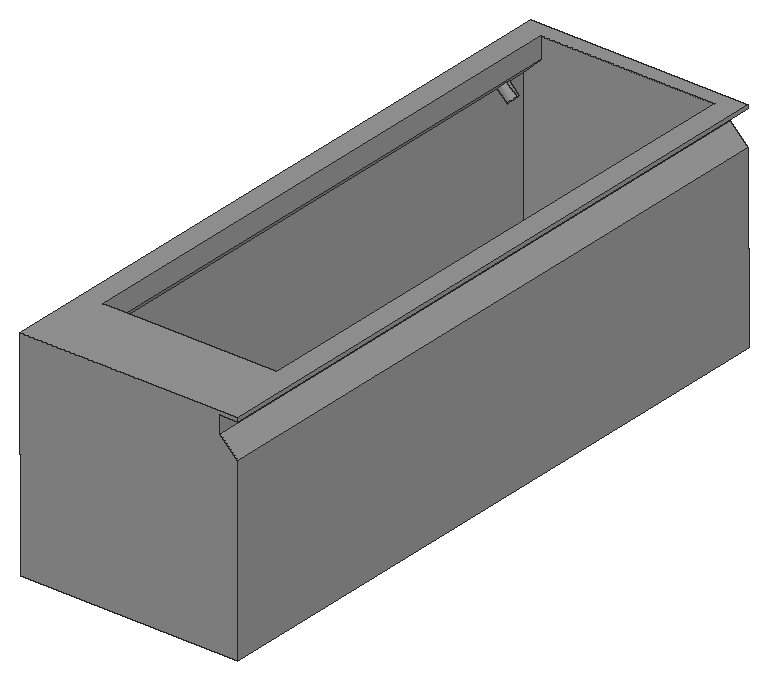
Revit family "Shower_Cabinet-Willoughby-US-3030-L", category Plumbing Fixtures, Revit 2015
Parameters (values of type "Standard")
  Waste Radius = Waste DIA / 2  # 1"
  Waste DIA = 2"
  Waste Connection = yes
  Vent Connection = no
  URL = "https://www.willoughby-ind.com/wp-content/uploads/2018/01/US-3636.pdf"
  Revision = "A"
  Model = "US-3030-L"
  Manufacturer = "Willoughby Industries"
  HW Connection = no
  HCW Inlet RAD = HCW Inlet DIA / 2  # 1/4"
  HCW Inlet DIA = 1/2"
  Fixture Body = Stainless Steel AISI 304-Willoughby
  Description = "US 30\" X 30\" Series Cabinet Shower, Left Hand"
  Default Elevation = 0' - 0"
  Contact info = "(800) 428-4065"
  CW Connection = no
  CW & HW Inlet = yes
Reference planes (in)
  plane 1 "Center (Front/Back)": y = 0
  plane 2: z = 0
  plane 3 "Center (Left/Right)": x = 0
  plane 4: y = 88
  plane 5: x = -15
  plane 6: x = 15
  plane 7: z = 30
  plane 8: z = 15
  plane 9 "Waste Height": y = 6.5
Forms (in)
  Extrusion 1, solid, material "Stainless Steel AISI 304-Willoughby" <- "Fixture Body"
    sketch origin (0, 0, 0) x (1, 0, 0) y (0, 0, 1)
      loop
        line (-15, 0) -> (15, 0) -> (15, 24.70711) -> (12.5, 27.20711) -> (12.5, 29.5) -> (15, 29.5) -> (15, 30) -> (-15, 30) -> (-15, 0)
    from 0 to -88
  Extrusion 2, void, detail levels fine
    sketch origin (0, 0, 0) x (1, 0, 0) y (0, 0, 1)
      loop
        line (14.5, 0.5) -> (14.5, 24.5) -> (12, 27) -> (12, 30) -> (-12, 30) -> (-12, 27) -> (-14.5, 24.5) -> (-14.5, 0.5) -> (14.5, 0.5)
    from -10.5 to -86
  Extrusion 3, void, detail levels fine
    sketch origin (0, 0, 0) x (1, 0, 0) y (0, 0, 1)
      loop
        line (-14.5, 0.5) -> (14.5, 0.5) -> (14.5, 24.5) -> (12, 27) -> (-12, 27) -> (-14.5, 24.5) -> (-14.5, 0.5)
    from -9 to -10.5
  Extrusion 4, void, detail levels fine
    sketch origin (0.89838, 0, 3.72188) x (1, 0, 0) y (0, 0, 1)
      loop
        circle (-0.89838, 11.27812) r 2
    from -8.61062 to -9
  Extrusion 5, solid, material "Stainless Steel AISI 304-Willoughby" <- "Fixture Body", detail levels fine
    sketch origin (0, 0, 0) x (1, 0, 0) y (0, 1, 0)
      loop
        circle (0, 6.5) r 1
    from 0 to 5.55813
  Extrusion 6, solid, material "Stainless Steel AISI 304-Willoughby" <- "Fixture Body", detail levels medium+fine
    sketch origin (-14.12132, 0, 24.87868) x (-0.707107, 0, -0.707107) y (0, 1, 0)
      loop
        circle (-1.23223, 81) r 0.75
    from 0 to 2
Cuts and joins
  Extrusion 2, Extrusion 3, Extrusion 4 cuts Extrusion 1
Lines and regions (in)
  model lines, detail levels coarse+medium
    curve 1: line (-15, 0, 30) -> (-15, 0, 29.5)
    curve 2: line (-12.5, 0, 27.20711) -> (-15, 0, 24.70711)
  symbolic lines
    curve 3: line (-15, 0, 0) -> (-15, 88, 0)
    curve 4: line (-15, 88, 0) -> (15, 88, 0)
    curve 5: line (15, 88, 0) -> (15, 0, 0)
    curve 6: line (15, 0, 0) -> (-15, 0, 0)
    curve 15: line (15, 0, 0) -> (15, 0, 30)
    curve 16: line (-15, 0, 30) -> (-15, 0, 29.5)
    curve 17: line (-12.5, 0, 29.5) -> (-12.5, 0, 27.20711)
    curve 18: line (-15, 0, 29.5) -> (-12.5, 0, 29.5)
    curve 19: line (-12.5, 0, 27.20711) -> (-15, 0, 24.70711)
    curve 20: line (-15, 0, 24.70711) -> (-15, 0, 0)
    curve 21: line (-15, 0, 0) -> (15, 0, 0)
    curve 22: line (0, 0, 0) -> (0, 88, 0)
    curve 23: line (0, 88, 0) -> (0, 88, 30)
    curve 24: line (0, 88, 30) -> (0, 0, 30)
    curve 25: line (0, 0, 30) -> (0, 0, 0)
    curve 36: line (15, 0, 30) -> (-15, 0, 30)
  symbolic lines, detail levels medium+fine
    curve 7: line (-12, 86, 0) -> (12, 86, 0)
    curve 8: line (12, 86, 0) -> (12, 10.5, 0)
    curve 9: line (12, 10.5, 0) -> (-12, 10.5, 0)
    curve 10: line (-12, 10.5, 0) -> (-12, 86, 0)
    curve 26: line (0, 0, 24.70711) -> (0, 88, 24.70711)
    curve 27: line (0, 88, 27.20711) -> (0, 0, 27.20711)
    curve 28: line (0, 0, 29.5) -> (0, 88, 29.5)
    curve 29: line (-14.5, 9, 0) -> (-14.5, 86, 0)
    curve 30: line (14.5, 86, 0) -> (14.5, 9, 0)
    curve 31: line (14.5, 9, 0) -> (-14.5, 9, 0)
    curve 32: line (-12.5, 0, 0) -> (-12.5, 88, 0)
    curve 37: line (12, 0, 30) -> (12, 0, 27)
    curve 38: line (12, 0, 27) -> (14.5, 0, 24.5)
    curve 39: line (14.5, 0, 24.5) -> (14.5, 0, 0.5)
    curve 40: line (14.5, 0, 0.5) -> (-14.5, 0, 0.5)
    curve 41: line (-14.5, 0, 0.5) -> (-14.5, 0, 24.5)
    curve 42: line (-14.5, 0, 24.5) -> (-12, 0, 27)
    curve 43: line (-12, 0, 27) -> (12, 0, 27)
    curve 44: line (-12, 0, 30) -> (-12, 0, 27)
    curve 45: line (-14.5, 86, 0) -> (14.5, 86, 0)
  symbolic lines, detail levels fine
    curve 11: line (12, 81.75, 0) -> (11.8108, 81.75, 0)
    curve 12: line (11.8108, 80.25, 0) -> (12, 80.25, 0)
    curve 13: spline (11.8108, 81.75, 0) -> (11.68001, 81.72444, 0) -> (11.55813, 81.64952, 0) -> (11.45347, 81.53033, 0) -> (11.37316, 81.375, 0) -> (11.32268, 81.19411, 0) -> (11.30546, 81, 0) -> (11.32268, 80.80589, 0) -> (11.37316, 80.625, 0) -> (11.45347, 80.46967, 0) -> (11.55813, 80.35048, 0) -> (11.68001, 80.27556, 0) -> (11.8108, 80.25, 0)
    curve 14: circle (0, 50.9968, 0) r 0.74999 normal (0, 0, 1)
    curve 33: line (12, 81.75, 0) -> (11.8108, 81.75, 0)
    curve 34: line (12, 80.25, 0) -> (11.8108, 80.25, 0)
    curve 35: spline (11.8108, 81.75, 0) -> (11.68001, 81.72444, 0) -> (11.55813, 81.64952, 0) -> (11.45347, 81.53033, 0) -> (11.37316, 81.375, 0) -> (11.32268, 81.19411, 0) -> (11.30546, 81, 0) -> (11.32268, 80.80589, 0) -> (11.37316, 80.625, 0) -> (11.45347, 80.46967, 0) -> (11.55813, 80.35048, 0) -> (11.68001, 80.27556, 0) -> (11.8108, 80.25, 0)
Dimensions and locks (in)
  plane 4 to cut or joined group of Extrusion 1, Extrusion 2, Extrusion 3, Extrusion 4 = 0' - 2"
  cut or joined group of Extrusion 1, Extrusion 2, Extrusion 3, Extrusion 4 to cut or joined group of Extrusion 1, Extrusion 2, Extrusion 3, Extrusion 4 = 0' - 10 1/2"
  cut or joined group of Extrusion 1, Extrusion 2, Extrusion 3, Extrusion 4 to plane 1 "Center (Front/Back)" = 0' - 9"
  level to plane 8 = 1' - 3"
  plane 1 "Center (Front/Back)" to plane 9 "Waste Height" = 0' - 6 1/2"
  Extrusion 3 sketch curve to Extrusion 3 sketch curve = 2' - 5"
  locked: Extrusion 3 sketch curve to Extrusion 3 sketch curve at 2.5  (x2)
  plane 1 "Center (Front/Back)" to plane 4 = 7' - 4"
  plane 1 "Center (Front/Back)" to curve 13 = 6' - 9"
  locked: plane 5 to plane 6 at 30
  plane 5 to plane 6 = 2' - 6"
  angle Extrusion 3 sketch curve to Extrusion 3 sketch curve = 45.00°  (x2)
  aligned and locked: Extrusion 1 to plane 4
  aligned: plane 5 to Extrusion 1
  aligned: Extrusion 1 to plane 6
  aligned: plane 7 to Extrusion 1
  aligned: cut or joined group of Extrusion 1, Extrusion 2, Extrusion 3, Extrusion 4 to cut or joined group of Extrusion 1, Extrusion 2, Extrusion 3, Extrusion 4  (x3)
  aligned and locked: level to cut or joined group of Extrusion 1, Extrusion 2, Extrusion 3, Extrusion 4
  aligned and locked: Extrusion 3 sketch curve to cut or joined group of Extrusion 1, Extrusion 2, Extrusion 3, Extrusion 4
  aligned and locked: plane 5 to cut or joined group of Extrusion 1, Extrusion 2, Extrusion 3, Extrusion 4
  aligned and locked: plane 7 to cut or joined group of Extrusion 1, Extrusion 2, Extrusion 3, Extrusion 4
  aligned and locked: cut or joined group of Extrusion 1, Extrusion 2, Extrusion 3, Extrusion 4 to cut or joined group of Extrusion 1, Extrusion 2, Extrusion 3, Extrusion 4  (x2)
Connectors (in)
  piping at (0, 6.5, 0), diameter 2, driven by "Waste Connection", driven by "Waste Radius"
    settings: on Extrusion 5, index 2, connector inside diameter 2", connector length 0' - 0", flow factor 0, pipe flow 0 GPM, pressure drop 0.00 psi, fitting loss kfactor 0, connector angle 0.00°, fixture units 0, engagement length 0' - 0", angle of deflection 0.00°, flow configuration 0, flow direction 2, fitting loss method 0, system type 16, joint type 0, gender type 0, connector reference index -1, connector utility 1, adjustable connector yes, is connector primary yes, connector description "Shower Drain"
